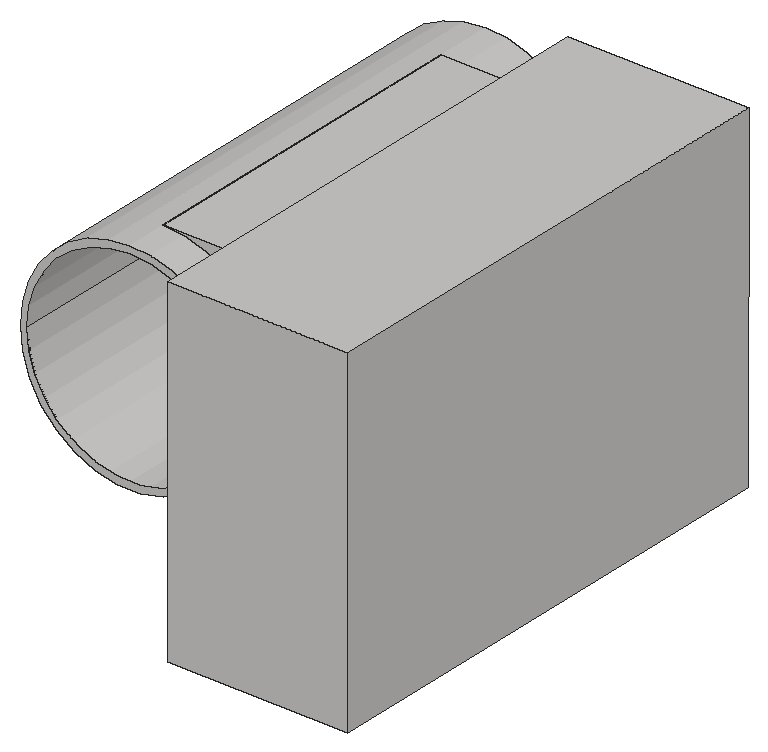
Revit family
Parameters
  Unit Weight = "20.0 lbs"
  URL = "http://www.titus-hvac.com/"
  Static Pressure [instance] = 0.00 in-wg
  Nominal Width = 1' - 3"
  Nominal Length = 1' - 8"
  Nominal Inlet Size = 0' - 8"
  Nominal Inlet Length = 1' - 4"
  Nominal Height = 1' - 0 1/4"
  Model = "DECV"
  Min. Air Flow = 0 CFM
  Max. Air Flow = 900 CFM
  Material = Steel
  Manufacturer = "Titus"
  Inlet Radius = 0' - 3 15/16"
  Inlet Opening Radius = 0' - 3 11/16"
  Inlet Offset = 0' - 2"
  Inlet Extrusion Radius = 0' - 3 15/16"
  Inlet Diameter = 0' - 7 7/8"
  Inlet = Duct D / 2  # 0' - 3 15/16"
  Duct D = 0' - 7 7/8"
  Design Air Flow [instance] = 0 CFM
  Description = "Digital Control Terminal Unit, Retrofit, Variable Volume"
  Control Box Offset = 0' - 4 9/16"
  CADworks URL = "www.CADworks.net"
  Assembly Code = "D3040100"
Reference planes (in)
  plane 1 "Center (Front/Back)": y = 0
  plane 2: z = 0
  plane 3 "Center (Left/Right)": x = 0
  plane 4: y = 6
  plane 5: y = 8
  plane 6: y = -8
  plane 7: x = 4.5625
  plane 8: y = -12
  plane 9: z = 6.125
  plane 10: z = -6.125
  plane 11: x = 11.0625
  plane 12: x = -3.9375
Forms (in)
  Extrusion 1, solid, material "Steel" <- "Material"
    sketch origin (0, -8.5, 0) x (1, 0, 0) y (0, 0, 1)
      loop
        circle (0, 0) r 3.9375
    from -16.5 to -0.5
  Extrusion 2, solid, material "Steel" <- "Material"
    sketch origin (4.29125, 6, 3.56775) x (1, 0, 0) y (0, 0, 1)
      loop
        line (0.27125, 2.55725) -> (0.27125, -9.69275) -> (6.77125, -9.69275) -> (6.77125, 2.55725) -> (0.27125, 2.55725)
    from 0 to 18
  Extrusion 3, solid, material "Steel" <- "Material"
    sketch origin (0, 10, 0) x (-1, 0, 0) y (0, 0, -1)
      loop
        line (-4.5625, 3.9375) -> (-4.5625, -3.9375) -> (0, -3.9375)
        arc (0, -3.9375) -> (-3.9375, 0) -> (0, 3.9375) r 3.9375
        line (0, 3.9375) -> (-4.5625, 3.9375)
    from 4 to 16.5
  Extrusion 4, void
    sketch origin (0, -8, 0) x (1, 0, 0) y (0, 0, -1)
      loop
        circle (0, 0) r 3.6875
    from 0 to 24
Cuts and joins
  Extrusion 4 cuts Extrusion 1
  Extrusion 4 cuts Extrusion 3
Dimensions and locks (in)
  "Inlet Offset": plane 5 to plane 4
  locked: cut or joined group of Extrusion 1, Extrusion 4 to plane 5 at 0
  "Nominal Inlet Length": cut or joined group of Extrusion 1, Extrusion 4 to cut or joined group of Extrusion 1, Extrusion 4
  equal spacing: cut or joined group of Extrusion 1, Extrusion 4, plane 1 "Center (Front/Back)", cut or joined group of Extrusion 1, Extrusion 4
  "Nominal Inlet Length": plane 6 to plane 5
  equal spacing: plane 6, plane 1 "Center (Front/Back)", plane 5
  locked: Extrusion 2 to Extrusion 2 at 18
  locked: Extrusion 2 sketch curve to Extrusion 2 sketch curve at 6.5
  locked: Extrusion 2 sketch curve to Extrusion 2 sketch curve at 12.25
  Extrusion 2 sketch curve to Extrusion 2 sketch curve = 1' - 0 1/4"
  "Inlet Diameter": Extrusion 3 sketch curve to Extrusion 3 sketch curve
  locked: Extrusion 1 sketch curve to level at 0
  locked: Extrusion 1 sketch curve to plane 3 "Center (Left/Right)" at 0
  "Control Box Offset": plane 7 to plane 3 "Center (Left/Right)"
  "Control Box Offset": plane 3 "Center (Left/Right)" to plane 7
  locked: plane 6 to cut or joined group of Extrusion 3, Extrusion 4 at 1.5
  locked: cut or joined group of Extrusion 3, Extrusion 4 to plane 4 at 0
  equal spacing: cut or joined group of Extrusion 3, Extrusion 4, level, cut or joined group of Extrusion 3, Extrusion 4
  "Inlet Radius": radius of Extrusion 1 sketch curve
  "Inlet Extrusion Radius": radius of Extrusion 3 sketch curve
  "Inlet Opening Radius": radius of Extrusion 4 sketch curve
  aligned and locked: plane 9 to Extrusion 2
  aligned and locked: plane 10 to Extrusion 2
  aligned and locked: plane 3 "Center (Left/Right)" to Extrusion 3 sketch curve
  aligned and locked: plane 3 "Center (Left/Right)" to connector elem
  aligned and locked: connector elem to plane 3 "Center (Left/Right)"
  aligned and locked: plane 3 "Center (Left/Right)" to cut or joined group of Extrusion 3, Extrusion 4  (x3)
  aligned and locked: Extrusion 2 to plane 7
  aligned and locked: plane 7 to cut or joined group of Extrusion 3, Extrusion 4
  aligned and locked: cut or joined group of Extrusion 3, Extrusion 4 to Extrusion 2
Automatic sketch dimensions
  plane 7 to Extrusion 2 sketch curve = 0' - 0"
  Extrusion 2 sketch curve to level = 0' - 6 1/8"
  Extrusion 3 sketch curve to plane 7 = 0' - 0"
  Extrusion 3 sketch curve to level = 0' - 0"
Connectors (in)
  hvac at (0, -8, 0), driven by "Design Air Flow", driven by "Inlet", driven by "Static Pressure"
    settings: on cut or joined group of Extrusion 1, Extrusion 4, index 1
  hvac at (0, 8, 0), driven by "Static Pressure", driven by "Design Air Flow", driven by "Inlet"
    settings: on cut or joined group of Extrusion 1, Extrusion 4, index 2
